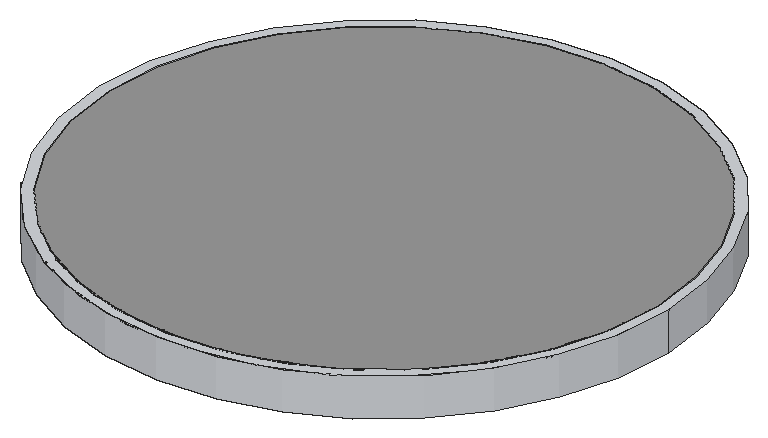
Revit family "2071266", category Lighting Fixtures, host Face, Revit 2018
Family settings
  Host = Face
  Round Connector Dimension = Use Diameter
  Part Type = Normal
  OmniClass Number = 23.80.70.00
  OmniClass Title = Lighting
  Cut with Voids When Loaded = No
  Light Source = Yes
  Shared = No
  Room Calculation Point = No
Parameters (values of type "2071266 COLOSSAL 900 840 OP DIR+H WHT DALI EM")
  iner diameter = 856 mm
  Weight = "n/a"
  Wattage Comments = ""
  Wattage = 30 W
  WarrantyStartDate [instance] = "n/a"
  WarrantyGuarantorParts = "n/a"
  WarrantyDurationUnit = "n/a"
  WarrantyDurationParts = ""
  WarrantyDescription = "http://www.sylvania-lighting.com"
  built-in parameter 1150110 = 1 (stored number, unit not read)
  Voltage = 230 V
  URL = "0.95"
  TypeName = "COLOSSAL 900mm 840 OPAL DIR+HAL WHITE DALI EM"
  Type Image = <None>
  Type Comments = "n/a"
  built-in parameter 1114217 = 1 (stored number, unit not read)
  Tilt Angle = -90.00°
  built-in parameter 1150109 = 1 (stored number, unit not read)
  built-in parameter 1150134 = (empty or 0)
  built-in parameter 1150113 = 1 (stored number, unit not read)
  SerialNumber [instance] = "n/a"
  Photometric Web File = "2071266.ies"
  Material_3_SYL = LED-Sylvania
  PowerFactor = 0
  PowerConsumption = "Lighting"
  NominalLength = 888 mm
  NominalHeight = 93 mm
  NominalDepth = 888 mm
  Name = "COLOSSAL 900mm 840 OPAL DIR+HAL WHITE DALI EM"
  ModelReference = Name  # "COLOSSAL 900mm 840 OPAL DIR+HAL WHITE DALI EM"
  ModelNumber = "2071266"
  Model = Name  # "COLOSSAL 900mm 840 OPAL DIR+HAL WHITE DALI EM"
  Material = "Feilo Sylvania"
  ManufacturerName = "140 lm/W"
  Manufacturer = ""
  LuminousEfficacy = ""
  built-in parameter 1150105 = 270.44 (stored number, unit not read)
  Lumens = 3398.4 lm
  LuminaireType = "0"
  built-in parameter 1150115 = 1 (stored number, unit not read)
  LightOutputRatio = "LED"
  built-in parameter 1150137 = (empty or 0)
  built-in parameter 1150139 = (empty or 0)
  LampsType = Lamp  # "n/a"
  LampNominalLuminous = "4000 K"
  LampMacAdamStep = "80"
  LampColourTemperature = "LED"
  LampColourRenderingIndex = "16500"
  built-in parameter 1150112 = 1 (stored number, unit not read)
  built-in parameter 1150114 = 1 (stored number, unit not read)
  Lamp = "n/a"
  Keynote = "n/a"
  InstallationDate [instance] = "n/a"
  InputVoltage = "0"
  InputNominalFrequency = "4000"
  built-in parameter 1150132 = (empty or 0)
  built-in parameter 1150102 = (empty or 0)
  built-in parameter 1150107 = 3000 (stored number, unit not read)
  built-in parameter 1150138 = (empty or 0)
  IngressProtection = "IfcLightFixtureType"
  ImpactProtectionIndex = "IfcLightFixtureType"
  built-in parameter 1150106 = 2.7044 (stored number, unit not read)
  IfcExportType = "IfcLightFixtureType"
  IfcExportAs = "Class I"
  Emit from Circle Diameter = 385 mm
  Emit Shape Visible in Rendering = no
  ElectricShockClassification = "140"
  built-in parameter 1150104 = 10.524 (stored number, unit not read)
  DocumentationLiterature = "http://www.sylvania-lighting.com/product/en-int/products/2071266"
  DimmingControlOptions = "n/a"
  Material_2_SYL = Polycarbonate_Sylvania_White
  Dimming Lamp Color Temperature Shift = <None>
  Description = "900mm diameter circular architectural luminaire, can be surface mounted or suspended. Powder coated aluminium housing (RAL9016) with polycarbonate opal diffuser. Direct/indirect (halo) light distribution, 11025lm luminuous flux, 78.5W system power, 140lm/W luminiaire efficacy. DALI dimmable. 3 hours integrated emergency. Colour rendering index Ra >80, 4000K Neutral White LED, chromaticity tolerance of 3-step MacAdam ellipse. IP40/IP20, IK03. 450mA drive current. Electrical protection Class1, 220-240V. Reported lifetime 66k hours L90B10."
  Default Elevation = 1219.2 mm
  CreatedOn = "23/03/2022"
  CreatedBy = "@sylvania-lighting.com"
  Cost = 0
  Color Filter = 16777215
  built-in parameter 1114216 [instance] = (empty or 0)
  ClassificationValue = "EF_70_80"
  ClassificationName = "Uniclass2015"
  Material_1_SYL = Polycarbonate_Sylvania_Opal
  BarCode [instance] = "n/a"
  built-in parameter 1114218 = 1 (stored number, unit not read)
  built-in parameter 1150133 = 10 (stored number, unit not read)
  AssetType = "Fixed"
  AssetIdentifier [instance] = "n/a"
  Assembly Code = "D5020200"
  Apparent Load = 78.5 VA
  Material_4_SYL = none
Reference planes
  plane 1 "Center (Front/Back)": y = 0
  plane 2: z = 0
  plane 3 "Center (Left/Right)": x = 0
  plane 4: z = 1.161
  plane 5: z = 16.161
  plane 6: x = -444
  plane 7: x = 444
  plane 8: y = 444
  plane 9: y = -444
  plane 10: y = 236
  plane 11: y = -236
  plane 12: x = 85
  plane 13: x = -85
  plane 14: through (0, 0, 1219.2) normal (0.5, 0.866, 0)
  plane 15: through (42.5, 73.612, 1219.2) normal (0.5, 0.866, 0)
  plane 16: through (-42.5, -73.612, 1219.2) normal (0.5, 0.866, 0)
  plane 17: through (0, 0, 1219.2) normal (0.5, -0.866, 0)
  plane 18: through (-42.5, 73.612, 1219.2) normal (0.5, -0.866, 0)
  plane 19: through (42.5, -73.612, 1219.2) normal (0.5, -0.866, 0)
  plane 20: z = 93
  plane 21: y = 428
  plane 22: y = -428
Forms (mm)
  Extrusion 1, solid, detail levels medium+fine
    sketch origin (0, 0, 0) x (0.866025, -0.5, 0) y (0.5, 0.866025, 0)
      loop
        circle (-50, 86.603) r 22
    from 0 to 2
  Extrusion 2, solid, detail levels medium+fine
    sketch origin (0, 0, 0) x (0.866025, -0.5, 0) y (0.5, 0.866025, 0)
      loop
        circle (100, 0) r 22
      loop
        circle (-50, -86.603) r 22
    from 0 to 2
  Blend 3, solid, detail levels medium+fine
    base sketch origin (0, 0, 0) x (1, 0, 0) y (0, 1, 0)
      loop
        line (-85, 236) -> (-246.882, -44.388) -> (-161.882, -191.612) -> (161.882, -191.612) -> (246.882, -44.388) -> (85, 236) -> (-85, 236)
    top sketch origin (0, 0, 0) x (1, 0, 0) y (0, 1, 0)
      loop
        line (-85, 283.076) -> (-287.651, -67.926) -> (-207.792, -218.119) -> (207.792, -218.119) -> (292.5, -71.401) -> (85, 283.076) -> (-85, 283.076)
    from 0 to 33.022
  Extrusion 4, solid, detail levels medium+fine
    sketch origin (0, 0, 0) x (1, 0, 0) y (0, 1, 0)
      loop
        circle (0, 0) r 444
    from 33.022 to 93
  Extrusion 5, void
    sketch origin (0, 0, 0) x (1, 0, 0) y (0, 1, 0)
      loop
        circle (0, 0) r 428
    from 96.588 to 37.292
  Extrusion 6, solid, material "Glass, White, High Luminance", detail levels fine
    sketch origin (0, 0, 0) x (1, 0, 0) y (0, 1, 0)
      loop
        circle (0, 0) r 428
    from 87.991 to 93
  Extrusion 7, solid, detail levels coarse
    sketch origin (0, 0, 0) x (1, 0, 0) y (0, 1, 0)
      loop
        line (-444, 444) -> (-444, -444) -> (444, -444) -> (444, 444) -> (-444, 444)
    from 0 to 93.648
Cuts and joins
  Extrusion 5 cuts Extrusion 1
  Extrusion 5 cuts Extrusion 2
  Extrusion 5 cuts Blend 3
  Extrusion 5 cuts Extrusion 4
Lines and regions (mm)
  model lines, detail levels medium+fine
    curve 1: circle (0, 0, 0) r 100 normal (0, 0, 1)
Dimensions and locks
  "NominalDepth": plane 8 to plane 9
  plane 8 to plane 1 "Center (Front/Back)" to plane 9 = 444 mm, 444 mm
  "NominalLength": plane 6 to plane 7
  equal spacing: plane 6, plane 3 "Center (Left/Right)", plane 7
  "NominalHeight": level to plane 20
  "iner diameter": plane 21 to plane 22
  equal spacing: plane 21, plane 1 "Center (Front/Back)", plane 22
  aligned and locked: plane 2 to host face
  aligned and locked: level to host face
Automatic sketch dimensions
  host sketch curve to host sketch curve = 2438.4 mm  (x2)
  Extrusion 1 sketch curve to plane 3 "Center (Left/Right)" = 0 mm
  Extrusion 1 sketch curve to plane 1 "Center (Front/Back)" = 100 mm
  plane 1 "Center (Front/Back)" to Extrusion 2 sketch curve = 50 mm
  Extrusion 2 sketch curve to plane 3 "Center (Left/Right)" = 86.603 mm
  Extrusion 2 sketch curve to Extrusion 2 sketch curve = 150 mm
  Extrusion 2 sketch curve to Extrusion 2 sketch curve = 86.603 mm
  plane 1 "Center (Front/Back)" to curve 1 = 0 mm
  curve 1 to plane 3 "Center (Left/Right)" = 0 mm
  plane 18 to Blend 3 sketch curve = 0 mm  (x2)
  plane 19 to Blend 3 sketch curve = 0 mm  (x2)
  Blend 3 sketch curve to plane 10 = 0 mm
  Blend 3 sketch curve to plane 13 = 0 mm  (x2)
  Blend 3 sketch curve to plane 12 = 0 mm  (x2)
  Blend 3 sketch curve to plane 16 = 0 mm  (x2)
  Blend 3 sketch curve to plane 15 = 0 mm
  plane 11 to Blend 3 sketch curve = 44.388 mm
  plane 1 "Center (Front/Back)" to Blend 3 sketch curve = 44.388 mm  (x2)
  plane 11 to Blend 3 sketch curve = 17.881 mm
  plane 1 "Center (Front/Back)" to Blend 3 sketch curve = 67.926 mm
  plane 1 "Center (Front/Back)" to Blend 3 sketch curve = 71.401 mm
  Blend 3 sketch curve to plane 7 = 151.5 mm
  plane 10 to Blend 3 sketch curve = 47.076 mm
  plane 1 "Center (Front/Back)" to Extrusion 4 sketch curve = 0 mm
  Extrusion 4 sketch curve to plane 3 "Center (Left/Right)" = 0 mm
  plane 1 "Center (Front/Back)" to Extrusion 5 sketch curve = 0 mm
  Extrusion 5 sketch curve to plane 3 "Center (Left/Right)" = 0 mm
  plane 1 "Center (Front/Back)" to Extrusion 6 sketch curve = 0 mm
  Extrusion 6 sketch curve to plane 3 "Center (Left/Right)" = 0 mm
  Extrusion 7 sketch curve to plane 6 = 0 mm
  Extrusion 7 sketch curve to plane 7 = 0 mm
  Extrusion 7 sketch curve to plane 9 = 0 mm
  Extrusion 7 sketch curve to plane 8 = 0 mm
  radius of Extrusion 1 sketch curve = 22 mm
  radius of Extrusion 2 sketch curve = 22 mm  (x2)
  radius of curve 1 = 100 mm
  radius of Extrusion 4 sketch curve = 444 mm
  radius of Extrusion 5 sketch curve = 428 mm
  radius of Extrusion 6 sketch curve = 428 mm
Connectors
  electrical at (0, 0, 0), driven by "Apparent Load", driven by "PowerFactor", driven by "Voltage"
    settings: index 1, voltage 230 V, apparent load 78.5 VA, apparent load phase1 0 VA, apparent load phase2 0 VA, apparent load phase3 0 VA, power factor 0, load classification "Lighting", number of poles 1, system type 30, power factor state 1, is connector primary yes, connector utility no, sub classification motor no, connector description ""
